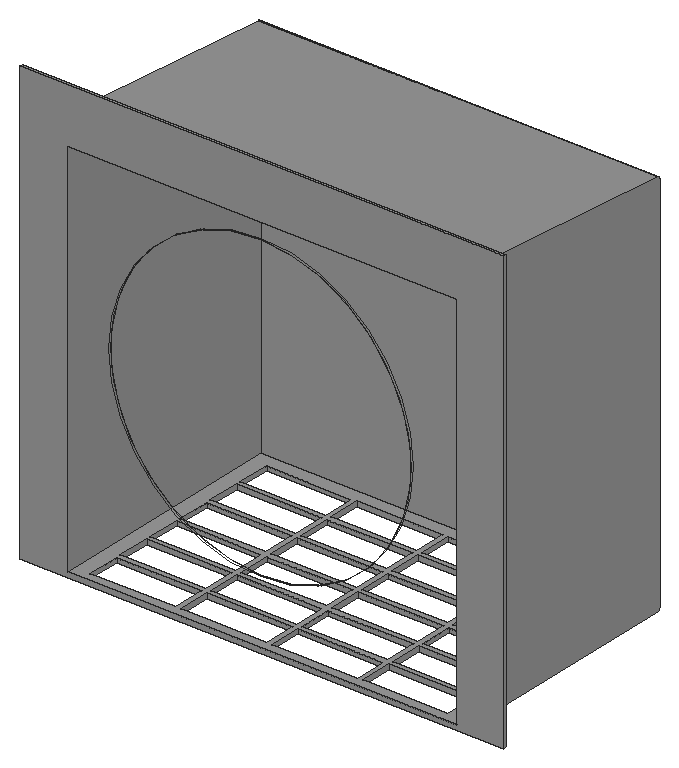
Revit family "Weather Protection Cowl Ø125", category Air Terminals, Revit 2019
Family settings
  Round Connector Dimension = Use Diameter
  Part Type = Normal
  Work Plane-Based = No
  Always vertical = Yes
  Cut with Voids When Loaded = No
  Shared = No
  Room Calculation Point = No
Parameters
  URL = "https://www.airmaster-as.com/en/products/accessories/fa%C3%A7ade-grill/"
  Model = "Weather Protection Cowl Ø125"
  Manufacturer = "Airmaster A/S"
  Description = "Storm cap can be used when the supply and exhaust are particularly exposed to wind."
Reference planes
  plane 1 "Center (Front/Back)": y = 0
  plane 2: z = 0
  plane 3 "Center (Left/Right)": x = 0
Forms (mm)
  Extrusion 1, solid, material "Wall Cvover"
    sketch origin (0, 0, 0) x (0, 1, 0) y (0, 0, 1)
      loop
        line (1.077, 81.8) -> (1.077, 94.398) -> (0, 94.398) -> (0, -87.946) -> (101, -87.946)
        arc (101, -87.946) -> (101.707, -87.653) -> (102, -86.946) r 1
        line (102, -86.946) -> (102, 72.054)
        arc (102, 72.054) -> (101.737, 72.73) -> (101.087, 73.05) r 1
        line (101.087, 73.05) -> (1.077, 81.8)
    from -100 to 100
  Extrusion 2, void
    sketch origin (0, 0, 0) x (1, 0, 0) y (0, 1, 0)
      loop
        line (-74, 94.6) -> (-74, 81.1) -> (-38.5, 81.1) -> (-38.5, 94.6) -> (-74, 94.6)
      loop
        line (-36.5, 94.6) -> (-36.5, 81.1) -> (-1, 81.1) -> (-1, 94.6) -> (-36.5, 94.6)
      loop
        line (1, 94.6) -> (1, 81.1) -> (36.5, 81.1) -> (36.5, 94.6) -> (1, 94.6)
      loop
        line (38.5, 94.6) -> (38.5, 81.1) -> (74, 81.1) -> (74, 94.6) -> (38.5, 94.6)
      loop
        line (38.5, 79.1) -> (38.5, 65.6) -> (74, 65.6) -> (74, 79.1) -> (38.5, 79.1)
      loop
        line (1, 79.1) -> (1, 65.6) -> (36.5, 65.6) -> (36.5, 79.1) -> (1, 79.1)
      loop
        line (-36.5, 79.1) -> (-36.5, 65.6) -> (-1, 65.6) -> (-1, 79.1) -> (-36.5, 79.1)
      loop
        line (-74, 79.1) -> (-74, 65.6) -> (-38.5, 65.6) -> (-38.5, 79.1) -> (-74, 79.1)
      loop
        line (-74, 63.6) -> (-74, 50.1) -> (-38.5, 50.1) -> (-38.5, 63.6) -> (-74, 63.6)
      loop
        line (-36.5, 63.6) -> (-36.5, 50.1) -> (-1, 50.1) -> (-1, 63.6) -> (-36.5, 63.6)
      loop
        line (1, 63.6) -> (1, 50.1) -> (36.5, 50.1) -> (36.5, 63.6) -> (1, 63.6)
      loop
        line (38.5, 63.6) -> (38.5, 50.1) -> (74, 50.1) -> (74, 63.6) -> (38.5, 63.6)
      loop
        line (38.5, 48.1) -> (38.5, 34.6) -> (74, 34.6) -> (74, 48.1) -> (38.5, 48.1)
      loop
        line (1, 48.1) -> (1, 34.6) -> (36.5, 34.6) -> (36.5, 48.1) -> (1, 48.1)
      loop
        line (-36.5, 48.1) -> (-36.5, 34.6) -> (-1, 34.6) -> (-1, 48.1) -> (-36.5, 48.1)
      loop
        line (-74, 48.1) -> (-74, 34.6) -> (-38.5, 34.6) -> (-38.5, 48.1) -> (-74, 48.1)
      loop
        line (-74, 32.6) -> (-74, 19.1) -> (-38.5, 19.1) -> (-38.5, 32.6) -> (-74, 32.6)
      loop
        line (-36.5, 32.6) -> (-36.5, 19.1) -> (-1, 19.1) -> (-1, 32.6) -> (-36.5, 32.6)
      loop
        line (1, 32.6) -> (1, 19.1) -> (36.5, 19.1) -> (36.5, 32.6) -> (1, 32.6)
      loop
        line (38.5, 32.6) -> (38.5, 19.1) -> (74, 19.1) -> (74, 32.6) -> (38.5, 32.6)
      loop
        line (38.5, 17.1) -> (38.5, 3.6) -> (74, 3.6) -> (74, 17.1) -> (38.5, 17.1)
      loop
        line (1, 17.1) -> (1, 3.6) -> (36.5, 3.6) -> (36.5, 17.1) -> (1, 17.1)
      loop
        line (-36.5, 17.1) -> (-36.5, 3.6) -> (-1, 3.6) -> (-1, 17.1) -> (-36.5, 17.1)
      loop
        line (-74, 17.1) -> (-74, 3.6) -> (-38.5, 3.6) -> (-38.5, 17.1) -> (-74, 17.1)
    from -87.946 to -71.231
  Extrusion 3, void
    sketch origin (0, 0, 0) x (1, 0, 0) y (0, 1, 0)
      loop
        line (-161.684, 1.077) -> (-83, 1.077)
        arc (-83, 1.077) -> (-82.646, 1.224) -> (-82.5, 1.577) r 0.5
        line (-82.5, 1.577) -> (-82.5, 104.198)
        arc (-82.5, 104.198) -> (-82.207, 104.905) -> (-81.5, 105.198) r 1
        line (-81.5, 105.198) -> (81.5, 105.198)
        arc (81.5, 105.198) -> (82.207, 104.905) -> (82.5, 104.198) r 1
        line (82.5, 104.198) -> (82.5, 1.577)
        arc (82.5, 1.577) -> (82.646, 1.224) -> (83, 1.077) r 0.5
        line (83, 1.077) -> (146.032, 1.077) -> (146.032, 120.022) -> (-161.684, 120.022) -> (-161.684, 1.077)
    from -94.699 to 200
  Extrusion 4, void
    sketch origin (0, 0, -115.333) x (0, 0, -1) y (-1, 0, 0)
      loop
        line (-29.387, -80.5) -> (-29.387, 80.5) -> (-187.133, 80.5) -> (-187.133, -80.5) -> (-29.387, -80.5)
    from 0 to 100
  Extrusion 5, solid, material "DUCT"
    sketch origin (0, 0, -115.333) x (0, 0, 1) y (-1, 0, 0)
      loop
        circle (118.559, 0) r 62.5
    from 0 to 1
Cuts and joins
  Extrusion 2, Extrusion 3, Extrusion 4 cuts Extrusion 1
Dimensions and locks
  aligned and locked: level to plane 2
Connectors
  hvac at (0, -1, 3.226)
    settings: on Extrusion 5, index 1, duct flow 0.0 L/s, flow factor 0, pres drop 0.0 Pa, loss coef 0, conn angle 0.00°, conn width 304.8 mm, conn height 304.8 mm, conn diameter 125 mm, duct sys type 29, conn prof type 0, flow config 0, flow direction 0, loss method 0, conn ref index -1, conn util no, is conn primary yes, conn desc ""
